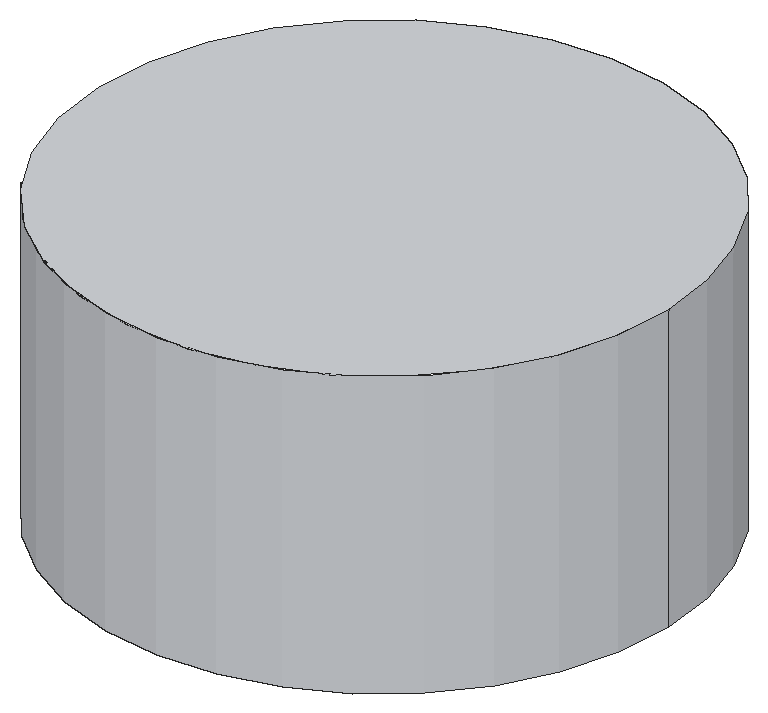
Revit family "ASF-8-C12", category Mechanical Equipment, Revit 2023
Family settings
  Round Connector Dimension = Use Diameter
  Classification = None
  Part Type = Normal
  OmniClass Number = 23.75.00.00
  OmniClass Title = Climate Control (HVAC)
  Work Plane-Based = No
  Always vertical = Yes
  Cut with Voids When Loaded = No
  Maintain Annotation Orientation = No
  Shared = No
  Room Calculation Point = No
Parameters (values of type "Standard")
  Volume = 0.0429102 CF
  Title = "Aura Solar Attic Fan - 8\" Diameter, 12\" Tall Collar"
  Subject = "ASF-8-C12"
  Requested Accuracy = "Low"
  Part Number = "ASF-8-C12"
  Mass = 7.03304 lbm
  Designer = "CAD Machine"
  Design State = 1
  Density = 163.901 lb/ft³
  Default Elevation = 0' - 0"
  Creation Date = "11/14/2022"
  Connector_1_Diameter = 0' - 7 3/4"
  Center of Gravity = "X: 0.010 in Y: 1.984 in Z: -0.020 in"
  Author = "CAD Machine"
  Area = 20.115 SF
Reference planes (in)
  plane 1 "Center (Front/Back)": y = 0
  plane 2: z = 0
  plane 3 "Center (Left/Right)": x = 0
Forms (in)
  Extrusion 1, solid
    sketch origin (0, 0, -12.94837) x (1, 0, 0) y (0, 1, 0)
      loop
        circle (0, 0) r 0.12
    from 0 to -0.12
Dimensions and locks (in)
  aligned and locked: plane 2 to level
Connectors (in)
  hvac at (0, 0, -12.94837), driven by "Connector_1_Diameter"
    settings: on Extrusion 1, index 1, duct flow 0 CFM, flow factor 0, pres drop 0.00 in-wg, loss coef 0, conn angle 0.00°, conn width 12", conn height 12", conn diameter 7 3/4", duct sys type 3, conn prof type 0, flow config 1, flow direction 1, loss method 0, conn ref index -1, conn util no, is conn primary yes, conn desc ""
